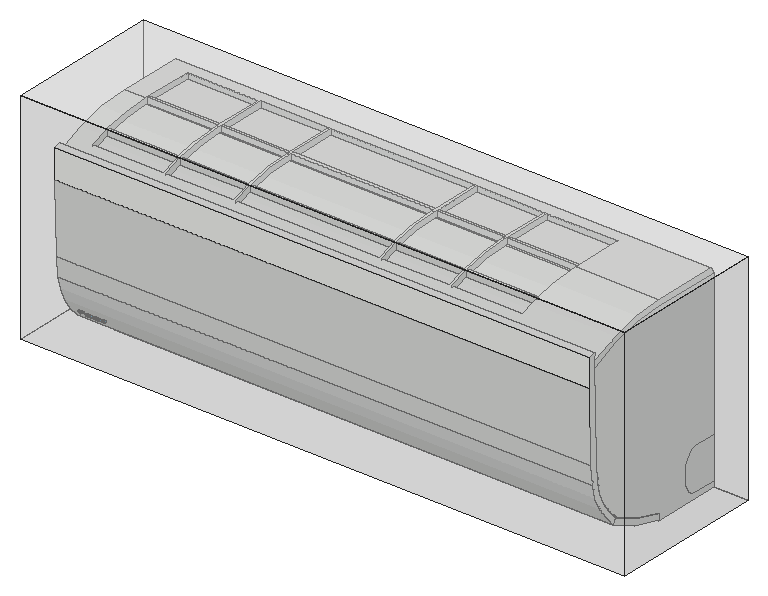
Revit family "outputfile", category 機械設備, Revit 2024
Family settings
  丸型コネクタ寸法 = 半径を使用
  パーツ タイプ = 標準
  OmniClass 番号 = 23.75.10.24.21.27.27
  OmniClass タイトル = Split System Air Conditioning Units
  作業面ベース = いいえ
  常に垂直 = はい
  ロード時にボイドで切り取り = いいえ
  注釈の向きを維持 = いいえ
  共有 = いいえ
  部屋計算ポイント = いいえ
Parameters (values of type "FTKF25TVMA")
  Description = ""
  書き出し IFC クラス(タイプ) = "IfcUnitaryEquipmentType"
  定義済み IFC タイプ(タイプ) = "AIRCONDITIONINGUNIT"
  Cost = 0
  Type Comments = ""
  Keynote = ""
  Type Image = (empty or 0)
  Assembly Code = ""
  w_wall hole = if(Width = 770.0 mm, 48.0 mm, 60.0 mm)  # 48.0 mm
  製造元 = "Daikin"
  モデル = "FTKF25TVMA"
  switch_frequency = yes
  r_Liquid Pipe Size = Liquid Pipe Size / 2  # 3.2 mm
  r_Gas Pipe Size = Gas Pipe Size / 2  # 4.75 mm
  r_Drain Pipe Size = Drain Pipe Size / 2  # 8.0 mm
  lw_powersupply [instance] = if(Width = 770.0 mm, if(or(Rear Right Connection_refrigerant, Bottom Right Connection_refrigerant), 25.0 mm, if(or(Rear Left Connection_refrigerant, Bottom Left Connection_refrigerant), 745.0 mm, 400.0 mm)), if(Width = 990.0 mm, if(or(Rear Right Connection_refrigerant, Bottom Right Connection_refrigerant), 40.0 mm, if(or(Rear Left Connection_refrigerant, Bottom Left Connection_refrigerant), 920.0 mm, 400.0 mm)), if(or(Rear Right Connection_refrigerant, Bottom Right Connection_refrigerant), 40.0 mm, if(or(Rear Left Connection_refrigerant, Bottom Left Connection_refrigerant), 920.0 mm, 400.0 mm))))  # 400.0 mm
  lw_liquidpipe [instance] = if(Width = 770.0 mm, if(or(Rear Right Connection_refrigerant, Bottom Right Connection_refrigerant), 0.0 mm, if(or(Rear Left Connection_refrigerant, Bottom Left Connection_refrigerant), 664.0 mm, 385.0 mm)), if(Width = 990.0 mm, if(or(Rear Right Connection_refrigerant, Bottom Right Connection_refrigerant), 0.0 mm, if(or(Rear Left Connection_refrigerant, Bottom Left Connection_refrigerant), 664.0 mm + (990.0 mm - 770.0 mm), 475.0 mm)), if(or(Rear Right Connection_refrigerant, Bottom Right Connection_refrigerant), 0.0 mm, if(or(Rear Left Connection_refrigerant, Bottom Left Connection_refrigerant), 664.0 mm + (990.0 mm - 770.0 mm), 475.0 mm))))  # 385.0 mm
  lw_gaspipe [instance] = if(Width = 770.0 mm, if(or(Rear Right Connection_refrigerant, Bottom Right Connection_refrigerant), 0.0 mm, if(or(Rear Left Connection_refrigerant, Bottom Left Connection_refrigerant), 675.0 mm, if(Gas Pipe Size = 12.7 mm, 345.0 mm, 335.0 mm))), if(Width = 990.0 mm, if(or(Rear Right Connection_refrigerant, Bottom Right Connection_refrigerant), 10.0 mm, if(or(Rear Left Connection_refrigerant, Bottom Left Connection_refrigerant), 890.0 mm, if(Gas Pipe Size = 15.9 mm, 400.0 mm, 400.0 mm))), if(or(Rear Right Connection_refrigerant, Bottom Right Connection_refrigerant), 10.0 mm, if(or(Rear Left Connection_refrigerant, Bottom Left Connection_refrigerant), 890.0 mm, if(Gas Pipe Size = 15.9 mm, 400.0 mm, 400.0 mm)))))  # 335.0 mm
  lw_drainpipe [instance] = if(Width = 770.0 mm, if(or(Rear Right Connection_refrigerant, Bottom Right Connection_refrigerant), 0.0 mm, if(or(Rear Left Connection_refrigerant, Bottom Left Connection_refrigerant), 770.0 mm - 48.0 mm - 48.0 mm, 440.0 mm)), if(Width = 990.0 mm, if(or(Rear Right Connection_refrigerant, Bottom Right Connection_refrigerant), 0.0 mm, if(or(Rear Left Connection_refrigerant, Bottom Left Connection_refrigerant), 675.0 mm + (990.0 mm - 770.0 mm), 435.0 mm)), if(or(Rear Right Connection_refrigerant, Bottom Right Connection_refrigerant), 0.0 mm, if(or(Rear Left Connection_refrigerant, Bottom Left Connection_refrigerant), 675.0 mm + (990.0 mm - 770.0 mm), 435.0 mm))))  # 440.0 mm
  l_powersupply_length [instance] = if(Width = 770.0 mm, if(Right Connection_refrigerant, 400.0 mm, if(Left Connection_refrigerant, 770.0 mm - 400.0 mm, if(or(Rear Left Connection_refrigerant, Rear Right Connection_refrigerant), 15.0 mm, 50.0 mm))), if(Width = 990.0 mm, if(Right Connection_refrigerant, 400.0 mm, if(Left Connection_refrigerant, 990.0 mm - 400.0 mm, if(or(Rear Left Connection_refrigerant, Rear Right Connection_refrigerant), 15.0 mm, 50.0 mm))), if(Right Connection_refrigerant, 400.0 mm, if(Left Connection_refrigerant, 990.0 mm - 400.0 mm, if(or(Rear Left Connection_refrigerant, Rear Right Connection_refrigerant), 15.0 mm, 50.0 mm)))))  # 400.0 mm
  l_liquidpipe_length [instance] = if(Width = 770.0 mm, if(Right Connection_refrigerant, 433.0 mm, if(Left Connection_refrigerant, 337.0 mm, if(or(Rear Left Connection_refrigerant, Rear Right Connection_refrigerant), 30.0 mm, 40.0 mm))), if(Width = 990.0 mm, if(Right Connection_refrigerant, 535.0 mm, if(Left Connection_refrigerant, 455.0 mm, if(or(Rear Left Connection_refrigerant, Rear Right Connection_refrigerant), 30.0 mm, 40.0 mm))), if(Right Connection_refrigerant, 535.0 mm, if(Left Connection_refrigerant, 455.0 mm, if(or(Rear Left Connection_refrigerant, Rear Right Connection_refrigerant), 30.0 mm, 40.0 mm)))))  # 433.0 mm
  l_gaspipe_length [instance] = if(Width = 770.0 mm, if(Right Connection_refrigerant, if(Gas Pipe Size = 12.7 mm, 393.0 mm, 383.0 mm), if(Left Connection_refrigerant, if(Gas Pipe Size = 12.7 mm, 770.0 mm - 393.0 mm, 770.0 mm - 383.0 mm), if(or(Rear Left Connection_refrigerant, Rear Right Connection_refrigerant), 40.0 mm, 50.0 mm))), if(Width = 990.0 mm, if(Right Connection_refrigerant, if(Gas Pipe Size = 15.9 mm, 460.0 mm, 460.0 mm), if(Left Connection_refrigerant, if(Gas Pipe Size = 15.9 mm, 990.0 mm - 460.0 mm, 990.0 mm - 460.0 mm), if(or(Rear Left Connection_refrigerant, Rear Right Connection_refrigerant), 40.0 mm, 50.0 mm))), if(Right Connection_refrigerant, if(Gas Pipe Size = 15.9 mm, 460.0 mm, 460.0 mm), if(Left Connection_refrigerant, if(Gas Pipe Size = 15.9 mm, 990.0 mm - 460.0 mm, 990.0 mm - 460.0 mm), if(or(Rear Left Connection_refrigerant, Rear Right Connection_refrigerant), 40.0 mm, 50.0 mm)))))  # 383.0 mm
  l_drainpipe_length [instance] = if(Width = 770.0 mm, if(Right Connection_refrigerant, 488.0 mm, if(Left Connection_refrigerant, 282.0 mm, if(or(Rear Left Connection_refrigerant, Rear Right Connection_refrigerant), 15.0 mm, 20.0 mm))), if(Width = 990.0 mm, if(Right Connection_refrigerant, 495.0 mm, if(Left Connection_refrigerant, 495.0 mm, if(or(Rear Left Connection_refrigerant, Rear Right Connection_refrigerant), 15.0 mm, 20.0 mm))), if(Right Connection_refrigerant, 495.0 mm, if(Left Connection_refrigerant, 495.0 mm, if(or(Rear Left Connection_refrigerant, Rear Right Connection_refrigerant), 15.0 mm, 20.0 mm)))))  # 488.0 mm
  h*** = 0.0 mm  # constant formula
  connector_voltage = Voltage_50Hz  # 230 V
  connector_powerinput = [Power Input (Cooling)]  # 0.000 kW
  connector_phase = Phase_50Hz  # 1
  angle_vertical [instance] = if(or(Bottom Left Connection_refrigerant, Bottom Right Connection_refrigerant), 0.00°, 90.00°)  # 90.00°
  angle_horizontal [instance] = if(Right Connection_refrigerant, 90.00°, if(Left Connection_refrigerant, -90.00°, if(or(Rear Left Connection_refrigerant, Rear Right Connection_refrigerant), 180.00°, 0.00°)))  # 90.00°
  Width = 770.0 mm
  Voltage_comment_50Hz = "220 - 240"
  Voltage_50Hz = 230 V
  Version = "ver.1.0"
  Unit Type = "Wall Mounted"
  Unit Mass Weight = 9.00 kg
  Unit Designation [instance] = ""
  Uniclass2015Version = "Products v1.30"
  Uniclass2015Title = "Split coil room air conditioning units"
  Uniclass2015Code = "Pr_70_65_03_86"
  URL = ""
  Total Cooling Capacity [instance] = 0.000 kW
  Sound Pressure Level_M speed (dBA) = 33
  Sound Pressure Level_L speed (dBA) = 27
  Sound Pressure Level_H speed (dBA) = 40
  Sound Power Level_H speed (dB) = 0
  Series = "Single Split_Fan Coil Unit"
  Sensible Cooling Capacity [instance] = 0.000 kW
  Refrigerant Type = "R32"
  Power Input (Cooling) = 0.000 kW
  Phase_50Hz = 1
  Option Accessory 3 [instance] = ""
  Option Accessory 2 [instance] = ""
  Option Accessory 1 [instance] = ""
  Nominal Cooling Capacity = 2.500 kW
  Minimum Circuit Amps_50Hz = 0.0 A
  Minimum Airflow = 276.00 m³/h
  Median Airflow = 390.00 m³/h
  Maximum Fuse Amps_50Hz = 0.0 A
  Maximum Airflow = 576.00 m³/h
  Material_Casing = DAIKIN_PureWhite_Casing_indoorunit
  Load Classification = HVAC
  Liquid Pipe Size = 6.4 mm
  Link_Nested Family [instance] = ""
  IfcVersion = ""
  IfcExportType = "AIRCONDITIONINGUNIT"
  IfcExportAs = "IfcUnitaryEquipmentType"
  Height = 285.0 mm
  Heat Exchanger Type = "Cross Fin Coil"
  Gas Pipe Size = 9.5 mm
  Frequency_50Hz = 50 Hz
  Fan Type = "Cross Flow Fan"
  Fan Drive = "Direct Drive"
  FCU Tag No. [instance] = ""
  Drain Pipe Size = 16.0 mm
  Design Supply Airflow [instance] = 0.00 m³/h
  Depth = 223.0 mm
  既定の高さ = 0.0 mm
  Cooling Entering Wet Bulb Temperature [instance] = 0.00 °C
  Cooling Entering Dry Bulb Temperature [instance] = 0.00 °C
  Cooling Ambient Wet Bulb Temperature [instance] = 0.00 °C
  Cooling Ambient Dry Bulb Temperature [instance] = 0.00 °C
  Clearance visibility [instance] = yes
  Clearance Top = 30.0 mm
  Clearance Right = 50.0 mm
  Clearance Rear = 0.0 mm
  Clearance Left = 50.0 mm
  Clearance Front = 0.0 mm
  Clearance Bottom = 0.0 mm
  Bottom Right Connection_refrigerant [instance] = no
  Bottom Left Connection_refrigerant [instance] = no
  Rear Right Connection_refrigerant [instance] = no
  Rear Left Connection_refrigerant [instance] = no
  Right Connection_refrigerant [instance] = yes
  Left Connection_refrigerant [instance] = no
Reference planes
  plane 1 "Back": y = 0
  plane 2: z = 0
  plane 3 "Center (Left/Right)": x = 0
  plane 4 "Center (Front/Back)": y = -111.5
  plane 5 "Front": y = -223
  plane 6 "Left": x = -385
  plane 7 "Right": x = 385
  plane 8 "Top": z = 0
  plane 9 "Bottom": z = -285
  plane 10: x = -435
  plane 11: x = 435
  plane 12: y = 0
  plane 13: y = -223
  plane 14: z = 30
  plane 15: z = -285
  plane 16 "lw_Piping and Wiring intake": x = 337
  plane 17 "lw_gaspipe": x = 2
  plane 18 "lw_liquidpipe": x = -48
  plane 19 "lw_drainpipe": x = -103
  plane 20 "lh_drainpipe": z = -265
  plane 21 "lh_liquidpipe": z = -245
  plane 22 "lh_gaspipe": z = -235
  plane 23 "ld_drainpipe": y = -15
  plane 24 "ld_liquidpipe": y = -30
  plane 25 "ld_gaspipe": y = -40
  plane 26 "lw_powersupply": x = -15
Dimensions and locks
  equal spacing: plane 6 "Left", plane 3 "Center (Left/Right)", plane 7 "Right"
  "Width": plane 6 "Left" to plane 7 "Right"
  equal spacing: plane 5 "Front", plane 4 "Center (Front/Back)", plane 1 "Back"
  "Depth": plane 5 "Front" to plane 1 "Back"
  "Height": plane 8 "Top" to plane 9 "Bottom"
  "Clearance Rear": plane 12 to plane 1 "Back"
  "Clearance Front": plane 13 to plane 5 "Front"
  "Clearance Top": plane 14 to plane 8 "Top"
  "Clearance Bottom": plane 9 "Bottom" to plane 15
  "w_wall hole": plane 16 "lw_Piping and Wiring intake" to plane 7 "Right"
  "lw_gaspipe": plane 17 "lw_gaspipe" to plane 16 "lw_Piping and Wiring intake"
  "lw_liquidpipe": plane 18 "lw_liquidpipe" to plane 16 "lw_Piping and Wiring intake"
  "lw_drainpipe": plane 19 "lw_drainpipe" to plane 16 "lw_Piping and Wiring intake"
  locked: plane 20 "lh_drainpipe" to plane 9 "Bottom" at 20
  locked: plane 21 "lh_liquidpipe" to plane 9 "Bottom" at 40
  locked: plane 22 "lh_gaspipe" to plane 9 "Bottom" at 50
  locked: plane 23 "ld_drainpipe" to plane 1 "Back" at 15
  locked: plane 1 "Back" to plane 24 "ld_liquidpipe" at 30
  locked: plane 1 "Back" to plane 25 "ld_gaspipe" at 40
  "lw_powersupply": plane 26 "lw_powersupply" to plane 7 "Right"
  "Clearance Left": plane 10 to plane 6 "Left"
  "Clearance Right": plane 7 "Right" to plane 11
  aligned and locked: level to plane 2
  aligned and locked: plane 12 to nested 1
  aligned and locked: nested 1 to plane 13
  aligned and locked: plane 10 to nested 1
  aligned and locked: plane 11 to nested 1
  aligned and locked: plane 15 to nested 1
  aligned and locked: plane 14 to nested 1
  aligned and locked: plane 17 "lw_gaspipe" to nested 2
  aligned and locked: nested 2 to plane 25 "ld_gaspipe"
  aligned and locked: plane 18 "lw_liquidpipe" to nested 3
  aligned and locked: nested 3 to plane 24 "ld_liquidpipe"
  aligned and locked: plane 19 "lw_drainpipe" to nested 4
  aligned and locked: nested 4 to plane 23 "ld_drainpipe"
  aligned and locked: nested 5 to plane 23 "ld_drainpipe"
  aligned and locked: plane 26 "lw_powersupply" to nested 5
  aligned and locked: level to plane 8 "Top"
  aligned and locked: plane 3 "Center (Left/Right)" to nested 6
  aligned and locked: plane 1 "Back" to nested 6
  aligned and locked: plane 8 "Top" to nested 6
Nested families
  nested 1: "daikin_clearancespace" at (0, -111.5, -127.381), show <- "Clearance visibility", visible <- "Clearance visibility", Link_Nested Family <- "Link_Nested Family", type "daikin_clearancespace"
    with width 870.0 mm, show yes, height 315.0 mm, depth 223.0 mm, Link_Nested Family ""
  nested 2: "daikin_connector_rotate3" at (2, -40, -235), angle_vertical <- "angle_vertical", angle_horizontal <- "angle_horizontal", length <- "l_gaspipe_length", radius <- "r_Gas Pipe Size", type "daikin_connector_rotate3"
    with show no, radius 4.75 mm, length 383.0 mm, angle_vertical 90.00°, angle_horizontal 90.00°
  nested 3: "daikin_connector_rotate3" at (-48, -30, -245), angle_vertical <- "angle_vertical", angle_horizontal <- "angle_horizontal", radius <- "r_Liquid Pipe Size", length <- "l_liquidpipe_length", type "daikin_connector_rotate3"
    with show no, radius 3.2 mm, length 433.0 mm, angle_vertical 90.00°, angle_horizontal 90.00°
  nested 4: "daikin_connector_rotate3" at (-103, -15, -265), angle_vertical <- "angle_vertical", angle_horizontal <- "angle_horizontal", length <- "l_drainpipe_length", radius <- "r_Drain Pipe Size", type "daikin_connector_rotate3"
    with show no, radius 8.0 mm, length 488.0 mm, angle_vertical 90.00°, angle_horizontal 90.00°
  nested 5: "daikin_connector_rotate3" at (-15, -15, -235), angle_vertical <- "angle_vertical", angle_horizontal <- "angle_horizontal", length <- "l_powersupply_length", type "daikin_connector_rotate3"
    with show no, radius 10.0 mm, length 400.0 mm, angle_vertical 90.00°, angle_horizontal 90.00°
  nested 6: "DAIKIN_indoorunit_FTKF-TVMA" at (-31, 0, 0), type "FTKF-TVMA"
Connectors
  piping at (385, -40, -235), diameter 9.5, driven by "r_Gas Pipe Size"
    settings: on nested 2, index 1, connector inside diameter 609.6 mm, connector length 0.0 mm, flow factor 0, pipe flow 0.00 m³/h, pressure drop 0.0 Pa, fitting loss kfactor 0, connector angle 0.00°, fixture units 0, engagement length 0.0 mm, angle of deflection 0.00°, flow configuration 1, flow direction 2, fitting loss method 0, system type 29, joint type 0, gender type 0, connector reference index -1, connector utility 0, adjustable connector no, is connector primary yes, connector description "Refrigerant Gas Piping"
  piping at (385, -30, -245), diameter 6.4, driven by "r_Liquid Pipe Size"
    settings: on nested 3, index 2, connector inside diameter 609.6 mm, connector length 0.0 mm, flow factor 0, pipe flow 0.00 m³/h, pressure drop 0.0 Pa, fitting loss kfactor 0, connector angle 0.00°, fixture units 0, engagement length 0.0 mm, angle of deflection 0.00°, flow configuration 1, flow direction 1, fitting loss method 0, system type 29, joint type 0, gender type 0, connector reference index -1, connector utility 0, adjustable connector no, is connector primary no, connector description "Refrigerant Liquid Piping"
  piping at (385, -15, -265), diameter 16, driven by "r_Drain Pipe Size"
    settings: on nested 4, index 3, connector inside diameter 609.6 mm, connector length 0.0 mm, flow factor 0, pipe flow 0.00 m³/h, pressure drop 0.0 Pa, fitting loss kfactor 0, connector angle 0.00°, fixture units 0, engagement length 0.0 mm, angle of deflection 0.00°, flow configuration 1, flow direction 2, fitting loss method 4, system type 16, joint type 0, gender type 0, connector reference index -1, connector utility 0, adjustable connector no, is connector primary no, connector description "Condensate Drain Piping"
  electrical at (385, -15, -235), driven by "Load Classification", driven by "connector_voltage", driven by "connector_phase", driven by "connector_powerinput"
    settings: on nested 5, index 4, voltage 230 V, apparent load 0 VA, apparent load phase1 0 VA, apparent load phase2 0 VA, apparent load phase3 0 VA, power factor 1, load classification "HVAC", number of poles 1, system type 30, power factor state 1, is connector primary yes, connector utility no, sub classification motor no, connector description "Power Supply"
Definition of nested family "daikin_clearancespace"
  Parameters (values of type "daikin_clearancespace")
    Description = "daikin_clearancespace"
    width [instance] = 1823.963 mm
    show [instance] = yes
    material = none
    height [instance] = 1359.762 mm
    depth [instance] = 880.0 mm
    Default Elevation = 0.0 mm
    Link_Nested Family [instance] = ""
  Reference planes
    plane 1 "Center (Front/Back)": y = 0
    plane 2 "Center (Elevation)": z = -0.119
    plane 3 "Center (Left/Right)": x = 0
    plane 4: y = 440
    plane 5: y = -440
    plane 6 "Right": x = 911.982
    plane 7 "Left": x = -911.982
    plane 8 "Top": z = 679.762
    plane 9 "Bottom": z = -680
  Forms (mm)
    Extrusion 1, solid, material <- "material", visible <- "show"
      sketch origin (0, 0, 0) x (1, 0, 0) y (0, 1, 0)
        loop
          line (-911.982, 440) -> (-911.982, -440) -> (911.982, -440) -> (911.982, 440) -> (-911.982, 440)
      from -680 to 679.762
  Lines and regions (mm)
    symbolic lines, visible <- "show"
      curve 1: line (911.982, 440, 0) -> (-911.982, 440, 0)
      curve 2: line (-911.982, 440, 0) -> (-911.982, -440, 0)
      curve 3: line (-911.982, -440, 0) -> (911.982, -440, 0)
      curve 4: line (911.982, -440, 0) -> (911.982, 440, 0)
      curve 5: line (911.982, 0, 679.762) -> (-911.982, 0, 679.762)
      curve 6: line (911.982, 0, -680) -> (911.982, 0, 679.762)
      curve 7: line (-911.982, 0, -680) -> (911.982, 0, -680)
      curve 8: line (-911.982, 0, 679.762) -> (-911.982, 0, -680)
      curve 9: line (0, 440, 679.762) -> (0, -440, 679.762)
      curve 10: line (0, -440, 679.762) -> (0, -440, -680)
      curve 11: line (0, 440, -680) -> (0, 440, 679.762)
      curve 12: line (0, -440, -680) -> (0, 440, -680)
  Dimensions and locks
    "width": plane 7 "Left" to plane 6 "Right"
    "depth": plane 4 to plane 5
    "height": plane 8 "Top" to plane 9 "Bottom"
    equal spacing: plane 7 "Left", plane 3 "Center (Left/Right)", plane 6 "Right"
    equal spacing: plane 4, plane 1 "Center (Front/Back)", plane 5
    equal spacing: plane 8 "Top", plane 2 "Center (Elevation)", plane 9 "Bottom"
    aligned and locked: level to plane 2 "Center (Elevation)"
    aligned and locked: Extrusion 1 sketch curve to plane 4
    aligned and locked: plane 7 "Left" to Extrusion 1 sketch curve
    aligned and locked: Extrusion 1 sketch curve to plane 5
    aligned and locked: Extrusion 1 sketch curve to plane 6 "Right"
    aligned and locked: plane 8 "Top" to Extrusion 1
    aligned and locked: curve 1 to Extrusion 1
    aligned and locked: curve 2 to Extrusion 1
    aligned and locked: curve 3 to Extrusion 1
    aligned and locked: curve 4 to Extrusion 1
    aligned and locked: curve 5 to Extrusion 1
    aligned and locked: curve 6 to Extrusion 1
    aligned and locked: curve 7 to Extrusion 1
    aligned and locked: curve 8 to Extrusion 1
    aligned and locked: curve 9 to Extrusion 1
    aligned and locked: curve 10 to Extrusion 1
    aligned and locked: curve 11 to Extrusion 1
    aligned and locked: curve 12 to Extrusion 1
    aligned and locked: Extrusion 1 to plane 9 "Bottom"
Definition of nested family "DAIKIN_indoorunit_FTKF-TVMA"
  Parameters (values of type "FTKF-TVMA")
    switch_unit1_60-71 = Width = 990.0 mm  # no
    switch_unit1_20-50 = Width = 770.0 mm  # yes
    Width = 770.0 mm
    WALL HOLE-R = if(Width = 770.0 mm, 48.0 mm, 60.0 mm)  # 48.0 mm
    WALL HOLE Size = if(Width = 770.0 mm, 65.0 mm, 80.0 mm)  # 65.0 mm
    Material_Casing = none
    Height = if(Width = 770.0 mm, 285.0 mm, 295.0 mm)  # 285.0 mm
    Default Elevation = 0.0 mm
  Reference planes
    plane 1 "Center (Front/Back)": y = 0
    plane 2 "reference_level": z = 0
    plane 3 "Center (Left/Right)": x = 31
    plane 4: x = -354
    plane 5: x = 416
    plane 6: z = -285
  Forms (mm)
    Extrusion 1, solid, material <- "Material_Casing", visible <- "switch_unit1_20-50"
      sketch origin (29, 0, 0) x (0, 1, 0) y (0, 0, 1)
        loop
          line (-5, 0) -> (-98, 0)
          arc (-98, 0) -> (-157.611, -7.211) -> (-213.783, -28.427) r 250
          arc (-213.783, -28.427) -> (-213.842, -32.972) -> (-213.892, -37.516) r 2191
          arc (-213.892, -37.516) -> (-157.832, -15.495) -> (-98.07, -8) r 242
          line (-98.07, -8) -> (0, -8) -> (-5, 0)
      from -383 to 387
    Extrusion 2, solid, material <- "Material_Casing", visible <- "switch_unit1_20-50"
      sketch origin (416, 1296.25, 1200) x (0, 1, 0) y (0, 0, 1)
        loop
          line (-1472.998, -1446.91) -> (-1476.998, -1453.839)
          arc (-1476.998, -1453.839) -> (-1437.481, -1472.422) -> (-1395.25, -1483.538) r 240
          line (-1395.25, -1483.538) -> (-1395.25, -1475.422)
          arc (-1395.25, -1475.422) -> (-1435.407, -1464.663) -> (-1472.998, -1446.91) r 232
      from 0 to -47.5
    Extrusion 3, solid, material <- "Material_Casing", visible <- "switch_unit1_20-50"
      sketch origin (29, 0, 0) x (0, 1, 0) y (0, 0, 1)
        loop
          arc (-223, -60.455) -> (-222.414, -110.646) -> (-220.656, -160.81) r 2149.92
          arc (-220.656, -160.81) -> (-219.65, -174.299) -> (-217.853, -187.706) r 229.911
          arc (-217.853, -187.706) -> (-205.371, -223.594) -> (-181.517, -253.17) r 111
          line (-181.517, -253.17) -> (-177.429, -246.093)
          arc (-177.429, -246.093) -> (-198.77, -218.989) -> (-209.965, -186.36) r 103
          arc (-209.965, -186.36) -> (-211.681, -173.586) -> (-212.651, -160.735) r 221.844
          arc (-212.651, -160.735) -> (-214.739, -93.233) -> (-214.74, -25.699) r 2186.828
          arc (-214.74, -25.699) -> (-214.671, -21.467) -> (-214.594, -17.235) r 2192
          line (-214.594, -17.235) -> (-223, -19.961) -> (-223, -60.455)
      from -383 to 387
    Extrusion 4, solid, material <- "Material_Casing", visible <- "switch_unit1_20-50"
      sketch origin (29, 0, -20) x (0, 1, 0) y (0, 0, 1)
        loop
          line (0, -265) -> (0, 12) -> (-98.07, 12)
          arc (-98.07, 12) -> (-157.832, 4.505) -> (-213.892, -17.516) r 242
          arc (-213.892, -17.516) -> (-213.638, -79.114) -> (-211.653, -140.681) r 2191
          arc (-211.653, -140.681) -> (-210.685, -153.501) -> (-208.973, -166.243) r 221
          arc (-208.973, -166.243) -> (-197.471, -199.282) -> (-175.482, -226.491) r 102
          arc (-175.482, -226.491) -> (-138.004, -244.019) -> (-98, -254.579) r 231
          line (-98, -254.579) -> (-98, -265) -> (0, -265)
      from -383 to 387
    Extrusion 5, solid, material <- "Material_Casing", visible <- "switch_unit1_20-50"
      sketch origin (-354, 1296.25, 1200) x (0, 1, 0) y (0, 0, 1)
        loop
          line (-1472.998, -1446.91) -> (-1476.998, -1453.839)
          arc (-1476.998, -1453.839) -> (-1437.481, -1472.422) -> (-1395.25, -1483.538) r 240
          line (-1395.25, -1483.538) -> (-1395.25, -1475.422)
          arc (-1395.25, -1475.422) -> (-1435.407, -1464.663) -> (-1472.998, -1446.91) r 232
      from 47 to 0
    Extrusion 6, solid, material <- "Material_Casing", visible <- "switch_unit1_20-50"
      sketch origin (416, 1296.25, 1200) x (0, 1, 0) y (0, 0, 1)
        loop
          line (-1472.998, -1446.91) -> (-1476.998, -1453.839)
          arc (-1476.998, -1453.839) -> (-1443.437, -1470.168) -> (-1407.75, -1481.097) r 240
          line (-1407.75, -1481.097) -> (-1407.75, -1472.894)
          arc (-1407.75, -1472.894) -> (-1441.363, -1462.385) -> (-1472.998, -1446.91) r 232
      from -116.993 to -48.493
    Extrusion 7, solid, material <- "Material_Casing", visible <- "switch_unit1_20-50"
      sketch origin (416, 1296.25, 1200) x (0, 1, 0) y (0, 0, 1)
        loop
          line (-1472.998, -1446.91) -> (-1476.998, -1453.839)
          arc (-1476.998, -1453.839) -> (-1443.437, -1470.168) -> (-1407.75, -1481.097) r 240
          line (-1407.75, -1481.097) -> (-1407.75, -1472.894)
          arc (-1407.75, -1472.894) -> (-1441.363, -1462.385) -> (-1472.998, -1446.91) r 232
      from -717 to -121.993
    Extrusion 8, void
      sketch origin (31, 0, -235) x (1, 0, 0) y (0, 1, 0)
        loop
          line (-252.674, -22.316) -> (-354.941, -22.316) -> (-354.941, -91.341) -> (-252.674, -91.341) -> (-252.674, -22.316)
        loop
          line (-249.341, -91.341) -> (-151.574, -91.341) -> (-151.574, -22.316) -> (-249.341, -22.316) -> (-249.341, -91.341)
        loop
          line (58.309, -22.316) -> (-148.309, -22.316) -> (-148.309, -91.341) -> (58.309, -91.341) -> (58.309, -22.316)
        loop
          line (61.689, -22.316) -> (61.689, -91.341) -> (159.457, -91.341) -> (159.457, -22.316) -> (61.689, -22.316)
        loop
          line (162.789, -22.316) -> (162.789, -91.341) -> (265.057, -91.341) -> (265.057, -22.316) -> (162.789, -22.316)
        loop
          line (-354.941, -94.659) -> (-354.941, -165.259) -> (-252.674, -165.259) -> (-252.674, -94.659) -> (-354.941, -94.659)
        loop
          line (-249.341, -94.659) -> (-249.341, -165.259) -> (-151.574, -165.259) -> (-151.574, -94.659) -> (-249.341, -94.659)
        loop
          line (-148.309, -94.659) -> (-148.309, -165.259) -> (58.309, -165.259) -> (58.309, -94.659) -> (-148.309, -94.659)
        loop
          line (61.689, -94.659) -> (61.689, -165.259) -> (159.457, -165.259) -> (159.457, -94.659) -> (61.689, -94.659)
        loop
          line (162.789, -94.659) -> (162.789, -165.259) -> (265.057, -165.259) -> (265.057, -94.659) -> (162.789, -94.659)
        loop
          line (-354.941, -167.382) -> (-354.941, -192.681) -> (-252.674, -192.681) -> (-252.674, -167.382) -> (-354.941, -167.382)
        loop
          line (-249.341, -167.382) -> (-249.341, -192.681) -> (-151.574, -192.681) -> (-151.574, -167.382) -> (-249.341, -167.382)
        loop
          line (-148.309, -167.382) -> (-148.309, -192.681) -> (58.309, -192.681) -> (58.309, -167.382) -> (-148.309, -167.382)
        loop
          line (159.457, -167.382) -> (61.689, -167.382) -> (61.689, -192.681) -> (159.457, -192.681) -> (159.457, -167.382)
        loop
          line (265.057, -167.382) -> (162.789, -167.382) -> (162.789, -192.681) -> (265.057, -192.681) -> (265.057, -167.382)
      from 201.638 to 250
    Extrusion 9, solid, material <- "Material_Casing"
      sketch origin (31, 0, 0) x (1, 0, 0) y (0, 0, 1)
        loop
          circle (337, -240.5) r 32.5
        loop
          circle (-337, -240.5) r 32.5
      from 0 to 5
    Extrusion 10, solid, material <- "Material_Casing", visible <- "switch_unit1_20-50"
      sketch origin (416, 1296.25, 1200) x (0, -1, 0) y (0, 0, 1)
        loop
          line (1326.25, -1417) -> (1296.25, -1417) -> (1296.25, -1477) -> (1326.25, -1477)
          arc (1326.25, -1477) -> (1340.393, -1471.142) -> (1346.25, -1457) r 20
          line (1346.25, -1457) -> (1346.25, -1437)
          arc (1346.25, -1437) -> (1340.393, -1422.858) -> (1326.25, -1417) r 20
      from 0 to 5
    Extrusion 11, solid, material <- "Material_Casing", visible <- "switch_unit1_20-50"
      sketch origin (-354, 1296.25, 1200) x (0, 1, 0) y (0, 0, 1)
        loop
          line (-1296.25, -1417) -> (-1326.25, -1417)
          arc (-1326.25, -1417) -> (-1340.393, -1422.858) -> (-1346.25, -1437) r 20
          line (-1346.25, -1437) -> (-1346.25, -1457)
          arc (-1346.25, -1457) -> (-1340.393, -1471.142) -> (-1326.25, -1477) r 20
          line (-1326.25, -1477) -> (-1296.25, -1477) -> (-1296.25, -1417)
      from 0 to 5
    Extrusion 12, solid, material <- "Material_Casing", visible <- "switch_unit1_20-50"
      sketch origin (31, 0, -285) x (-1, 0, 0) y (0, -1, 0)
        loop
          line (-314, 0) -> (-314, 30)
          arc (-314, 30) -> (-319.858, 44.142) -> (-334, 50) r 20
          line (-334, 50) -> (-354, 50)
          arc (-354, 50) -> (-368.142, 44.142) -> (-374, 30) r 20
          line (-374, 30) -> (-374, 0) -> (-314, 0)
        loop
          line (374, 0) -> (374, 30)
          arc (374, 30) -> (368.142, 44.142) -> (354, 50) r 20
          line (354, 50) -> (334, 50)
          arc (334, 50) -> (319.858, 44.142) -> (314, 30) r 20
          line (314, 30) -> (314, 0) -> (374, 0)
      from 0 to 5
    Extrusion 13, solid, material <- "Material_Casing", visible <- "switch_unit1_60-71"
      sketch origin (31, 0, 0) x (0, 1, 0) y (0, 0, 1)
        loop
          line (-5, 0) -> (-138, 0)
          arc (-138, 0) -> (-197.611, -7.211) -> (-253.783, -28.427) r 250
          arc (-253.783, -28.427) -> (-253.838, -32.687) -> (-253.886, -36.946) r 2191
          arc (-253.886, -36.946) -> (-197.73, -15.346) -> (-138.014, -8) r 246.393
          line (-138.014, -8) -> (0, -8) -> (-5, 0)
      from -495 to 495
    Extrusion 14, solid, material <- "Material_Casing", visible <- "switch_unit1_60-71"
      sketch origin (418, 1296.25, 1200) x (0, 1, 0) y (0, 0, 1)
        loop
          arc (-1515.208, -1454.149) -> (-1506.856, -1460.599) -> (-1497.925, -1466.219) r 110
          arc (-1497.925, -1466.219) -> (-1445.718, -1487.493) -> (-1389.844, -1494.995) r 223
          line (-1389.844, -1494.995) -> (-1389.844, -1486.086) -> (-1404.386, -1486.086)
          arc (-1404.386, -1486.086) -> (-1449.542, -1477.46) -> (-1491.818, -1459.402) r 214.289
          arc (-1491.818, -1459.402) -> (-1501.056, -1453.541) -> (-1509.606, -1446.715) r 101
          line (-1509.606, -1446.715) -> (-1515.208, -1454.149)
      from 108 to 57.5
    Extrusion 15, solid, material <- "Material_Casing", visible <- "switch_unit1_60-71"
      sketch origin (31, 0, 0) x (0, 1, 0) y (0, 0, 1)
        loop
          line (-263, -19.962) -> (-263, -61.6)
          arc (-263, -61.6) -> (-262.414, -110.219) -> (-260.656, -158.81) r 2017.341
          arc (-260.656, -158.81) -> (-255.648, -191.935) -> (-244.041, -223.362) r 164.725
          arc (-244.041, -223.362) -> (-233.569, -239.793) -> (-219.717, -253.495) r 87.379
          line (-219.717, -253.495) -> (-214.706, -246.846)
          arc (-214.706, -246.846) -> (-229.564, -230.029) -> (-240.385, -210.371) r 102
          arc (-240.385, -210.371) -> (-249.049, -182.962) -> (-252.848, -154.467) r 165.789
          arc (-252.848, -154.467) -> (-254.771, -90.102) -> (-254.74, -25.708) r 2122.533
          arc (-254.74, -25.708) -> (-254.671, -21.469) -> (-254.594, -17.23) r 2192
          line (-254.594, -17.23) -> (-263, -19.962)
      from -495 to 495
    Extrusion 16, void
      sketch origin (33, 0, 0) x (1, 0, 0) y (0, 1, 0)
        loop
          line (-466.909, -22.316) -> (-466.909, -111.341) -> (-366.303, -111.341) -> (-366.303, -22.316) -> (-466.909, -22.316)
        loop
          line (-362.71, -22.316) -> (-362.71, -111.341) -> (-262.103, -111.341) -> (-262.103, -22.316) -> (-362.71, -22.316)
        loop
          line (-258.51, -22.316) -> (-258.51, -111.341) -> (-157.904, -111.341) -> (-157.904, -22.316) -> (-258.51, -22.316)
        loop
          line (-154.31, -22.316) -> (-154.31, -111.341) -> (-53.704, -111.341) -> (-53.704, -22.316) -> (-154.31, -22.316)
        loop
          line (-50.11, -22.316) -> (-50.11, -111.341) -> (50.496, -111.341) -> (50.496, -22.316) -> (-50.11, -22.316)
        loop
          line (54.089, -22.316) -> (54.089, -111.341) -> (154.696, -111.341) -> (154.696, -22.316) -> (54.089, -22.316)
        loop
          line (158.289, -22.316) -> (158.289, -111.341) -> (258.895, -111.341) -> (258.895, -22.316) -> (158.289, -22.316)
        loop
          line (262.489, -22.316) -> (262.489, -111.341) -> (363.095, -111.341) -> (363.095, -22.316) -> (262.489, -22.316)
        loop
          line (-466.909, -114.459) -> (-466.909, -185.059) -> (-366.303, -185.059) -> (-366.303, -114.459) -> (-466.909, -114.459)
        loop
          line (-362.71, -114.459) -> (-362.71, -185.059) -> (-262.103, -185.059) -> (-262.103, -114.459) -> (-362.71, -114.459)
        loop
          line (-258.51, -114.459) -> (-258.51, -185.059) -> (-157.904, -185.059) -> (-157.904, -114.459) -> (-258.51, -114.459)
        loop
          line (-154.31, -114.459) -> (-154.31, -185.059) -> (-53.704, -185.059) -> (-53.704, -114.459) -> (-154.31, -114.459)
        loop
          line (-50.11, -114.459) -> (-50.11, -185.059) -> (50.496, -185.059) -> (50.496, -114.459) -> (-50.11, -114.459)
        loop
          line (54.089, -114.459) -> (54.089, -185.059) -> (154.696, -185.059) -> (154.696, -114.459) -> (54.089, -114.459)
        loop
          line (158.289, -114.459) -> (158.289, -185.059) -> (258.895, -185.059) -> (258.895, -114.459) -> (158.289, -114.459)
        loop
          line (262.489, -114.459) -> (262.489, -185.059) -> (363.095, -185.059) -> (363.095, -114.459) -> (262.489, -114.459)
        loop
          line (-466.909, -187.382) -> (-466.909, -232.681) -> (-366.303, -232.681) -> (-366.303, -187.382) -> (-466.909, -187.382)
        loop
          line (-362.71, -187.382) -> (-362.71, -232.681) -> (-262.103, -232.681) -> (-262.103, -187.382) -> (-362.71, -187.382)
        loop
          line (-258.51, -187.382) -> (-258.51, -232.681) -> (-157.904, -232.681) -> (-157.904, -187.382) -> (-258.51, -187.382)
        loop
          line (-154.31, -187.382) -> (-154.31, -232.681) -> (-53.704, -232.681) -> (-53.704, -187.382) -> (-154.31, -187.382)
        loop
          line (-50.11, -187.382) -> (-50.11, -232.681) -> (50.496, -232.681) -> (50.496, -187.382) -> (-50.11, -187.382)
        loop
          line (54.089, -187.382) -> (54.089, -232.681) -> (154.696, -232.681) -> (154.696, -187.382) -> (54.089, -187.382)
        loop
          line (158.289, -187.382) -> (158.289, -232.681) -> (258.895, -232.681) -> (258.895, -187.382) -> (158.289, -187.382)
        loop
          line (262.489, -187.382) -> (262.489, -232.681) -> (363.095, -232.681) -> (363.095, -187.382) -> (262.489, -187.382)
      from -40.013 to 47.268
    Extrusion 17, solid, material <- "Material_Casing", visible <- "switch_unit1_60-71"
      sketch origin (-356, 1296.25, 1200) x (0, 1, 0) y (0, 0, -1)
        loop
          line (-1515.208, 1454.149) -> (-1509.606, 1446.715)
          arc (-1509.606, 1446.715) -> (-1501.056, 1453.541) -> (-1491.818, 1459.402) r 101
          arc (-1491.818, 1459.402) -> (-1449.542, 1477.46) -> (-1404.386, 1486.086) r 214.289
          line (-1404.386, 1486.086) -> (-1389.844, 1486.086) -> (-1389.844, 1494.995)
          arc (-1389.844, 1494.995) -> (-1445.718, 1487.493) -> (-1497.925, 1466.219) r 223
          arc (-1497.925, 1466.219) -> (-1506.856, 1460.599) -> (-1515.208, 1454.149) r 110
      from 108 to 61
    Extrusion 18, solid, material <- "Material_Casing", visible <- "switch_unit1_60-71"
      sketch origin (418, 1296.25, 1200) x (0, 1, 0) y (0, 0, 1)
        loop
          arc (-1515.208, -1454.149) -> (-1506.856, -1460.599) -> (-1497.925, -1466.219) r 110
          arc (-1497.925, -1466.219) -> (-1463.185, -1482.066) -> (-1426.25, -1491.755) r 223
          line (-1426.25, -1491.755) -> (-1426.25, -1483.166)
          arc (-1426.25, -1483.166) -> (-1460.008, -1473.969) -> (-1491.818, -1459.402) r 214.289
          arc (-1491.818, -1459.402) -> (-1501.056, -1453.541) -> (-1509.606, -1446.715) r 101
          line (-1509.606, -1446.715) -> (-1515.208, -1454.149)
      from 56.5 to -36.993
    Extrusion 19, solid, material <- "Material_Casing", visible <- "switch_unit1_60-71"
      sketch origin (418, 1296.25, 1200) x (0, 1, 0) y (0, 0, 1)
        loop
          arc (-1426.25, -1483.166) -> (-1443.442, -1479.224) -> (-1460.25, -1473.881) r 214.289
          line (-1460.25, -1473.881) -> (-1460.25, -1483.089)
          arc (-1460.25, -1483.089) -> (-1443.421, -1488.091) -> (-1426.25, -1491.755) r 223
          line (-1426.25, -1491.755) -> (-1426.25, -1483.166)
      from -43.493 to -828.893
    Extrusion 20, solid, material <- "Material_Casing", visible <- "switch_unit1_60-71"
      sketch origin (418, 1296.25, 1200) x (0, 1, 0) y (0, 0, 1)
        loop
          arc (-1515.208, -1454.149) -> (-1506.856, -1460.599) -> (-1497.925, -1466.219) r 110
          arc (-1497.925, -1466.219) -> (-1479.479, -1475.527) -> (-1460.25, -1483.089) r 223
          line (-1460.25, -1483.089) -> (-1460.25, -1473.881)
          arc (-1460.25, -1473.881) -> (-1476.328, -1467.282) -> (-1491.818, -1459.402) r 214.289
          arc (-1491.818, -1459.402) -> (-1501.056, -1453.541) -> (-1509.606, -1446.715) r 101
          line (-1509.606, -1446.715) -> (-1515.208, -1454.149)
      from -43.493 to -828.893
    Extrusion 21, solid, material <- "Material_Casing", visible <- "switch_unit1_60-71"
      sketch origin (31, 0, -30) x (0, 1, 0) y (0, 0, 1)
        loop
          line (0, 22) -> (-138.014, 22)
          arc (-138.014, 22) -> (-197.73, 14.654) -> (-253.886, -6.946) r 246.393
          arc (-253.886, -6.946) -> (-253.682, -65.635) -> (-251.855, -124.295) r 2120.935
          arc (-251.855, -124.295) -> (-248.086, -152.682) -> (-239.461, -179.988) r 164.789
          arc (-239.461, -179.988) -> (-228.903, -199.231) -> (-214.437, -215.738) r 101
          line (-214.437, -215.738) -> (-212.406, -216.221)
          arc (-212.406, -216.221) -> (-204.07, -222.837) -> (-195.079, -228.53) r 100
          arc (-195.079, -228.53) -> (-145.557, -248.629) -> (-92.593, -255.785) r 213.289
          line (-92.593, -255.785) -> (-92.593, -265) -> (0, -265) -> (0, 22)
      from -495 to 495
    Extrusion 22, solid, material <- "Material_Casing", visible <- "switch_unit1_60-71"
      sketch origin (526, 1296.25, 1200) x (0, -1, 0) y (0, 0, 1)
        loop
          line (1326.25, -1427.035) -> (1296.25, -1427.035) -> (1296.25, -1487.035) -> (1326.25, -1487.035)
          arc (1326.25, -1487.035) -> (1340.393, -1481.177) -> (1346.25, -1467.035) r 20
          line (1346.25, -1467.035) -> (1346.25, -1447.035)
          arc (1346.25, -1447.035) -> (1340.393, -1432.892) -> (1326.25, -1427.035) r 20
      from 0 to 5
    Extrusion 23, solid, material <- "Material_Casing", visible <- "switch_unit1_60-71"
      sketch origin (-459, 1296.25, 1200) x (0, -1, 0) y (0, 0, 1)
        loop
          line (1326.25, -1427.035) -> (1296.25, -1427.035) -> (1296.25, -1487.035) -> (1326.25, -1487.035)
          arc (1326.25, -1487.035) -> (1340.393, -1481.177) -> (1346.25, -1467.035) r 20
          line (1346.25, -1467.035) -> (1346.25, -1447.035)
          arc (1346.25, -1447.035) -> (1340.393, -1432.892) -> (1326.25, -1427.035) r 20
      from 0 to 5
    Extrusion 24, solid, material <- "Material_Casing", visible <- "switch_unit1_60-71"
      sketch origin (31, 200, -295) x (-1, 0, 0) y (0, -1, 0)
        loop
          line (469, 200) -> (469, 230)
          arc (469, 230) -> (463.142, 244.142) -> (449, 250) r 20
          line (449, 250) -> (429, 250)
          arc (429, 250) -> (414.858, 244.142) -> (409, 230) r 20
          line (409, 230) -> (409, 200) -> (469, 200)
        loop
          line (-469, 200) -> (-409, 200) -> (-409, 230)
          arc (-409, 230) -> (-414.858, 244.142) -> (-429, 250) r 20
          line (-429, 250) -> (-449, 250)
          arc (-449, 250) -> (-463.142, 244.142) -> (-469, 230) r 20
          line (-469, 230) -> (-469, 200)
      from 0 to 5
  Cuts and joins
    Extrusion 8 cuts Extrusion 1
    Extrusion 16 cuts Extrusion 13
  Lines and regions (mm)
    reference lines
      curve 1: line (-523, -201.911, -229.404) -> (-523, -193.542, -239.977)
      curve 2: line (-523, -240.779, -229.404) -> (-523, -232.411, -239.977)
  Dimensions and locks
    locked: Extrusion 10 sketch curve to Extrusion 10 sketch curve at 60
    locked: Extrusion 10 sketch curve to Extrusion 10 sketch curve at 50
    locked: Extrusion 12 sketch curve to Extrusion 12 sketch curve at 60  (x2)
    locked: Extrusion 12 sketch curve to Extrusion 12 sketch curve at 50
    equal spacing: plane 5, plane 3 "Center (Left/Right)", plane 4
    "Width": plane 5 to plane 4
    locked: Extrusion 9 sketch curve to plane 4 at 48
    "WALL HOLE-R": plane 5 to Extrusion 9 sketch curve
    "Height": plane 2 "reference_level" to plane 6
    locked: Extrusion 9 sketch curve to plane 6 at 44.5  (x2)
    locked: Extrusion 15 to nested 2 at 15
    locked: Extrusion 22 sketch curve to Extrusion 22 sketch curve at 60
    locked: Extrusion 22 sketch curve to Extrusion 22 sketch curve at 50
    locked: Extrusion 23 sketch curve to Extrusion 23 sketch curve at 60
    locked: Extrusion 23 sketch curve to Extrusion 23 sketch curve at 50
    locked: Extrusion 24 sketch curve to Extrusion 24 sketch curve at 60  (x2)
    locked: Extrusion 24 sketch curve to Extrusion 24 sketch curve at 50  (x2)
    "WALL HOLE Size": diameter of Extrusion 9 sketch curve  (x2)
    aligned and locked: level to plane 2 "reference_level"
    aligned and locked: nested 1 to curve 1
    aligned and locked: Extrusion 11 sketch curve to Extrusion 10  (x4)
    aligned and locked: Extrusion 12 sketch curve to Extrusion 12 sketch curve  (x2)
    aligned and locked: Extrusion 9 to plane 1 "Center (Front/Back)"
    aligned and locked: nested 2 to curve 2
  Automatic sketch dimensions
    curve 1 to level = 239.977 mm
    plane 1 "Center (Front/Back)" to curve 1 = 193.542 mm
    curve 2 to curve 1 = 0.0 mm
    curve 2 to curve 2 = 10.573 mm
    curve 1 to curve 1 = 10.573 mm
    curve 1 to curve 1 = 8.368 mm
    curve 1 to curve 2 = 30.5 mm
    curve 2 to curve 2 = 8.368 mm
    Extrusion 1 sketch curve to level = 0.0 mm
    Extrusion 1 sketch curve to plane 1 "Center (Front/Back)" = 0.0 mm
    plane 1 "Center (Front/Back)" to Extrusion 1 sketch curve = 5.0 mm
    plane 1 "Center (Front/Back)" to Extrusion 1 sketch curve = 98.0 mm
    Extrusion 1 sketch curve to Extrusion 1 sketch curve = 0.07 mm
    Extrusion 1 sketch curve to level = 59.292 mm
    Extrusion 1 sketch curve to plane 1 "Center (Front/Back)" = 1977.0 mm
    Extrusion 1 sketch curve to level = 250.0 mm
    Extrusion 1 sketch curve to Extrusion 1 sketch curve = 0.0 mm
    Extrusion 1 sketch curve to level = 8.0 mm
    Extrusion 1 sketch curve to level = 28.427 mm
    plane 1 "Center (Front/Back)" to Extrusion 2 sketch curve = 180.748 mm
    Extrusion 2 sketch curve to Extrusion 2 sketch curve = 4.0 mm
    Extrusion 2 sketch curve to Extrusion 2 sketch curve = 77.747 mm
    plane 1 "Center (Front/Back)" to Extrusion 2 sketch curve = 59.279 mm
    Extrusion 2 sketch curve to Extrusion 2 sketch curve = 0.0 mm
    Extrusion 2 sketch curve to level = 283.538 mm
    Extrusion 2 sketch curve to Extrusion 2 sketch curve = 8.116 mm
    Extrusion 2 sketch curve to Extrusion 2 sketch curve = 21.583 mm
    Extrusion 2 sketch curve to Extrusion 2 sketch curve = 6.929 mm
    Extrusion 3 sketch curve to level = 19.961 mm
    plane 1 "Center (Front/Back)" to Extrusion 3 sketch curve = 223.0 mm
    Extrusion 3 sketch curve to level = 17.235 mm
    Extrusion 3 sketch curve to Extrusion 3 sketch curve = 8.406 mm
    plane 1 "Center (Front/Back)" to Extrusion 3 sketch curve = 181.517 mm
    Extrusion 3 sketch curve to Extrusion 3 sketch curve = 4.087 mm
    Extrusion 3 sketch curve to Extrusion 3 sketch curve = 69.11 mm
    Extrusion 3 sketch curve to Extrusion 3 sketch curve = 0.001 mm
    Extrusion 3 sketch curve to plane 1 "Center (Front/Back)" = 8.955 mm
    Extrusion 3 sketch curve to Extrusion 3 sketch curve = 0.067 mm
    Extrusion 3 sketch curve to level = 60.455 mm
    Extrusion 3 sketch curve to Extrusion 3 sketch curve = 1917.898 mm
    Extrusion 3 sketch curve to Extrusion 3 sketch curve = 44.907 mm
    Extrusion 3 sketch curve to Extrusion 3 sketch curve = 5.172 mm
    Extrusion 3 sketch curve to level = 150.456 mm
    Extrusion 3 sketch curve to Extrusion 3 sketch curve = 0.006 mm
    Extrusion 3 sketch curve to Extrusion 3 sketch curve = 19.265 mm
    Extrusion 3 sketch curve to Extrusion 3 sketch curve = 0.004 mm
    Extrusion 3 sketch curve to Extrusion 3 sketch curve = 76.368 mm
    Extrusion 3 sketch curve to Extrusion 3 sketch curve = 7.077 mm
    Extrusion 3 sketch curve to Extrusion 3 sketch curve = 1.002 mm
    Extrusion 3 sketch curve to Extrusion 3 sketch curve = 0.046 mm
    Extrusion 3 sketch curve to Extrusion 3 sketch curve = 8.005 mm
    Extrusion 3 sketch curve to Extrusion 3 sketch curve = 0.147 mm
    Extrusion 3 sketch curve to Extrusion 3 sketch curve = 0.0 mm
    Extrusion 4 sketch curve to plane 1 "Center (Front/Back)" = 0.0 mm
    plane 1 "Center (Front/Back)" to Extrusion 4 sketch curve = 59.278 mm
    Extrusion 4 sketch curve to Extrusion 4 sketch curve = 98.0 mm
    Extrusion 4 sketch curve to Extrusion 4 sketch curve = 0.0 mm  (x3)
    Extrusion 4 sketch curve to level = 8.0 mm
    Extrusion 4 sketch curve to Extrusion 4 sketch curve = 38.791 mm
    Extrusion 4 sketch curve to Extrusion 4 sketch curve = 10.249 mm
    Extrusion 4 sketch curve to plane 1 "Center (Front/Back)" = 9.11 mm
    Extrusion 4 sketch curve to level = 59.292 mm
    Extrusion 4 sketch curve to Extrusion 4 sketch curve = 1967.89 mm
    Extrusion 4 sketch curve to Extrusion 4 sketch curve = 142.454 mm
    Extrusion 4 sketch curve to Extrusion 4 sketch curve = 19.271 mm
    Extrusion 4 sketch curve to Extrusion 4 sketch curve = 80.275 mm
    Extrusion 4 sketch curve to Extrusion 4 sketch curve = 24.579 mm
    Extrusion 4 sketch curve to Extrusion 4 sketch curve = 10.421 mm
    Extrusion 4 sketch curve to level = 46.847 mm
    Extrusion 4 sketch curve to Extrusion 4 sketch curve = 77.412 mm
    Extrusion 4 sketch curve to Extrusion 4 sketch curve = 33.49 mm
    Extrusion 4 sketch curve to Extrusion 4 sketch curve = 2.68 mm
    plane 1 "Center (Front/Back)" to Extrusion 5 sketch curve = 180.748 mm
    Extrusion 5 sketch curve to Extrusion 5 sketch curve = 4.0 mm
    Extrusion 5 sketch curve to Extrusion 5 sketch curve = 77.747 mm
    plane 1 "Center (Front/Back)" to Extrusion 5 sketch curve = 59.279 mm
    Extrusion 5 sketch curve to Extrusion 5 sketch curve = 0.0 mm
    Extrusion 5 sketch curve to level = 283.538 mm
    Extrusion 5 sketch curve to Extrusion 5 sketch curve = 8.116 mm
    Extrusion 5 sketch curve to Extrusion 5 sketch curve = 21.583 mm
    Extrusion 5 sketch curve to Extrusion 5 sketch curve = 6.929 mm
    plane 1 "Center (Front/Back)" to Extrusion 6 sketch curve = 180.748 mm
    Extrusion 6 sketch curve to Extrusion 6 sketch curve = 4.0 mm
    Extrusion 6 sketch curve to Extrusion 6 sketch curve = 65.247 mm
    plane 1 "Center (Front/Back)" to Extrusion 6 sketch curve = 59.279 mm
    Extrusion 6 sketch curve to Extrusion 6 sketch curve = 0.0 mm
    Extrusion 6 sketch curve to level = 281.097 mm
    Extrusion 6 sketch curve to Extrusion 6 sketch curve = 8.203 mm
    Extrusion 6 sketch curve to Extrusion 6 sketch curve = 19.055 mm
    Extrusion 6 sketch curve to Extrusion 6 sketch curve = 6.929 mm
    plane 1 "Center (Front/Back)" to Extrusion 7 sketch curve = 180.748 mm
    Extrusion 7 sketch curve to Extrusion 7 sketch curve = 4.0 mm
    Extrusion 7 sketch curve to Extrusion 7 sketch curve = 65.247 mm
    plane 1 "Center (Front/Back)" to Extrusion 7 sketch curve = 59.279 mm
    Extrusion 7 sketch curve to Extrusion 7 sketch curve = 0.0 mm
    Extrusion 7 sketch curve to level = 281.097 mm
    Extrusion 7 sketch curve to Extrusion 7 sketch curve = 8.203 mm
    Extrusion 7 sketch curve to Extrusion 7 sketch curve = 19.055 mm
    Extrusion 7 sketch curve to Extrusion 7 sketch curve = 6.929 mm
    plane 1 "Center (Front/Back)" to Extrusion 8 sketch curve = 165.259 mm  (x2)
    Extrusion 8 sketch curve to plane 3 "Center (Left/Right)" = 354.941 mm
    plane 1 "Center (Front/Back)" to Extrusion 8 sketch curve = 22.316 mm  (x3)
    Extrusion 8 sketch curve to Extrusion 8 sketch curve = 0.0 mm  (x26)
    Extrusion 8 sketch curve to Extrusion 8 sketch curve = 102.268 mm  (x2)
    Extrusion 8 sketch curve to Extrusion 8 sketch curve = 3.332 mm  (x4)
    Extrusion 8 sketch curve to Extrusion 8 sketch curve = 97.768 mm  (x2)
    Extrusion 8 sketch curve to Extrusion 8 sketch curve = 3.264 mm  (x3)
    plane 3 "Center (Left/Right)" to Extrusion 8 sketch curve = 58.309 mm
    Extrusion 8 sketch curve to Extrusion 8 sketch curve = 3.38 mm  (x3)
    Extrusion 8 sketch curve to Extrusion 8 sketch curve = 2.124 mm  (x6)
    Extrusion 8 sketch curve to Extrusion 8 sketch curve = 25.299 mm  (x2)
    Extrusion 8 sketch curve to Extrusion 8 sketch curve = 70.6 mm
    Extrusion 8 sketch curve to Extrusion 8 sketch curve = 3.317 mm  (x4)
    Extrusion 10 sketch curve to plane 1 "Center (Front/Back)" = 0.0 mm
    Extrusion 10 sketch curve to Extrusion 10 sketch curve = 20.0 mm  (x2)
    Extrusion 10 sketch curve to level = 277.0 mm
    plane 1 "Center (Front/Back)" to Extrusion 12 sketch curve = 0.0 mm
    plane 3 "Center (Left/Right)" to Extrusion 12 sketch curve = 374.0 mm
    Extrusion 12 sketch curve to Extrusion 12 sketch curve = 20.0 mm  (x3)
    plane 1 "Center (Front/Back)" to Extrusion 12 sketch curve = 30.0 mm
    Extrusion 12 sketch curve to plane 3 "Center (Left/Right)" = 314.0 mm
    Extrusion 13 sketch curve to level = 0.0 mm
    Extrusion 13 sketch curve to plane 1 "Center (Front/Back)" = 0.0 mm
    plane 1 "Center (Front/Back)" to Extrusion 13 sketch curve = 5.0 mm
    Extrusion 13 sketch curve to Extrusion 13 sketch curve = 133.0 mm
    Extrusion 13 sketch curve to Extrusion 13 sketch curve = 0.013 mm
    Extrusion 13 sketch curve to level = 59.292 mm
    Extrusion 13 sketch curve to plane 1 "Center (Front/Back)" = 1937.0 mm
    Extrusion 13 sketch curve to Extrusion 13 sketch curve = 250.0 mm
    Extrusion 13 sketch curve to Extrusion 13 sketch curve = 4.393 mm
    Extrusion 13 sketch curve to level = 8.0 mm
    Extrusion 13 sketch curve to level = 28.427 mm
    plane 1 "Center (Front/Back)" to Extrusion 14 sketch curve = 218.957 mm
    Extrusion 14 sketch curve to Extrusion 14 sketch curve = 5.601 mm
    Extrusion 14 sketch curve to Extrusion 14 sketch curve = 65.735 mm
    Extrusion 14 sketch curve to Extrusion 14 sketch curve = 1.462 mm
    plane 1 "Center (Front/Back)" to Extrusion 14 sketch curve = 108.136 mm
    Extrusion 14 sketch curve to Extrusion 14 sketch curve = 14.543 mm
    plane 1 "Center (Front/Back)" to Extrusion 14 sketch curve = 92.093 mm
    Extrusion 14 sketch curve to Extrusion 14 sketch curve = 1.354 mm
    Extrusion 14 sketch curve to level = 294.995 mm
    Extrusion 14 sketch curve to Extrusion 14 sketch curve = 8.909 mm
    Extrusion 14 sketch curve to Extrusion 14 sketch curve = 31.937 mm
    Extrusion 14 sketch curve to Extrusion 14 sketch curve = 7.433 mm
    Extrusion 14 sketch curve to Extrusion 14 sketch curve = 75.403 mm
    Extrusion 14 sketch curve to Extrusion 14 sketch curve = 0.896 mm
    Extrusion 14 sketch curve to level = 72.504 mm
    Extrusion 14 sketch curve to Extrusion 14 sketch curve = 0.504 mm
    Extrusion 15 sketch curve to level = 19.962 mm
    plane 1 "Center (Front/Back)" to Extrusion 15 sketch curve = 263.0 mm
    Extrusion 15 sketch curve to level = 17.23 mm
    Extrusion 15 sketch curve to Extrusion 15 sketch curve = 8.406 mm
    Extrusion 15 sketch curve to Extrusion 15 sketch curve = 43.283 mm
    Extrusion 15 sketch curve to Extrusion 15 sketch curve = 5.011 mm
    Extrusion 15 sketch curve to Extrusion 15 sketch curve = 49.129 mm
    Extrusion 15 sketch curve to Extrusion 15 sketch curve = 19.417 mm
    Extrusion 15 sketch curve to Extrusion 15 sketch curve = 50.037 mm
    Extrusion 15 sketch curve to Extrusion 15 sketch curve = 8.89 mm
    Extrusion 15 sketch curve to level = 61.6 mm
    Extrusion 15 sketch curve to plane 1 "Center (Front/Back)" = 1754.341 mm
    Extrusion 15 sketch curve to level = 58.909 mm
    Extrusion 15 sketch curve to Extrusion 15 sketch curve = 113.192 mm
    Extrusion 15 sketch curve to Extrusion 15 sketch curve = 69.467 mm
    Extrusion 15 sketch curve to level = 146.886 mm
    Extrusion 15 sketch curve to Extrusion 15 sketch curve = 3.987 mm
    Extrusion 15 sketch curve to Extrusion 15 sketch curve = 20.44 mm
    Extrusion 15 sketch curve to Extrusion 15 sketch curve = 13.597 mm
    Extrusion 15 sketch curve to Extrusion 15 sketch curve = 61.936 mm
    Extrusion 15 sketch curve to Extrusion 15 sketch curve = 6.649 mm
    Extrusion 15 sketch curve to level = 59.438 mm
    Extrusion 15 sketch curve to Extrusion 15 sketch curve = 0.0 mm
    Extrusion 15 sketch curve to Extrusion 15 sketch curve = 0.147 mm
    Extrusion 15 sketch curve to Extrusion 15 sketch curve = 7.808 mm
    plane 1 "Center (Front/Back)" to Extrusion 16 sketch curve = 22.316 mm  (x6)
    Extrusion 16 sketch curve to plane 3 "Center (Left/Right)" = 464.909 mm
    Extrusion 16 sketch curve to Extrusion 16 sketch curve = 0.0 mm  (x27)
    Extrusion 16 sketch curve to Extrusion 16 sketch curve = 100.606 mm  (x7)
    Extrusion 16 sketch curve to Extrusion 16 sketch curve = 3.594 mm  (x16)
    Extrusion 16 sketch curve to plane 3 "Center (Left/Right)" = 51.704 mm
    plane 3 "Center (Left/Right)" to Extrusion 16 sketch curve = 52.496 mm  (x2)
    Extrusion 16 sketch curve to Extrusion 16 sketch curve = 89.026 mm  (x6)
    Extrusion 16 sketch curve to Extrusion 16 sketch curve = 3.117 mm  (x8)
    Extrusion 16 sketch curve to Extrusion 16 sketch curve = 70.6 mm  (x7)
    Extrusion 16 sketch curve to Extrusion 16 sketch curve = 2.324 mm  (x8)
    Extrusion 16 sketch curve to Extrusion 16 sketch curve = 45.299 mm  (x7)
    plane 1 "Center (Front/Back)" to Extrusion 17 sketch curve = 218.957 mm
    Extrusion 17 sketch curve to Extrusion 17 sketch curve = 5.601 mm
    Extrusion 17 sketch curve to Extrusion 17 sketch curve = 65.735 mm
    Extrusion 17 sketch curve to Extrusion 17 sketch curve = 1.462 mm
    plane 1 "Center (Front/Back)" to Extrusion 17 sketch curve = 108.136 mm
    Extrusion 17 sketch curve to Extrusion 17 sketch curve = 14.543 mm
    plane 1 "Center (Front/Back)" to Extrusion 17 sketch curve = 92.093 mm
    Extrusion 17 sketch curve to Extrusion 17 sketch curve = 1.354 mm
    Extrusion 17 sketch curve to level = 72.0 mm
    Extrusion 17 sketch curve to Extrusion 17 sketch curve = 0.504 mm
    Extrusion 17 sketch curve to Extrusion 17 sketch curve = 98.416 mm
    Extrusion 17 sketch curve to Extrusion 17 sketch curve = 0.896 mm
    Extrusion 17 sketch curve to Extrusion 17 sketch curve = 76.3 mm
    Extrusion 17 sketch curve to Extrusion 17 sketch curve = 7.433 mm
    Extrusion 17 sketch curve to Extrusion 17 sketch curve = 26.684 mm
    Extrusion 17 sketch curve to Extrusion 17 sketch curve = 8.909 mm
    plane 1 "Center (Front/Back)" to Extrusion 18 sketch curve = 218.957 mm
    Extrusion 18 sketch curve to Extrusion 18 sketch curve = 5.601 mm
    Extrusion 18 sketch curve to Extrusion 18 sketch curve = 65.735 mm
    Extrusion 18 sketch curve to Extrusion 18 sketch curve = 1.462 mm
    Extrusion 18 sketch curve to Extrusion 18 sketch curve = 83.356 mm
    plane 1 "Center (Front/Back)" to Extrusion 18 sketch curve = 92.093 mm
    Extrusion 18 sketch curve to Extrusion 18 sketch curve = 1.354 mm
    Extrusion 18 sketch curve to level = 291.755 mm
    Extrusion 18 sketch curve to Extrusion 18 sketch curve = 8.588 mm
    Extrusion 18 sketch curve to Extrusion 18 sketch curve = 29.018 mm
    Extrusion 18 sketch curve to Extrusion 18 sketch curve = 7.433 mm
    Extrusion 18 sketch curve to Extrusion 18 sketch curve = 75.403 mm
    Extrusion 18 sketch curve to Extrusion 18 sketch curve = 0.896 mm
    Extrusion 18 sketch curve to level = 72.504 mm
    Extrusion 18 sketch curve to Extrusion 18 sketch curve = 0.504 mm
    plane 1 "Center (Front/Back)" to Extrusion 19 sketch curve = 164.0 mm
    Extrusion 19 sketch curve to Extrusion 19 sketch curve = 34.0 mm
    plane 1 "Center (Front/Back)" to Extrusion 19 sketch curve = 92.093 mm
    Extrusion 19 sketch curve to Extrusion 19 sketch curve = 1.354 mm
    Extrusion 19 sketch curve to level = 291.755 mm
    Extrusion 19 sketch curve to Extrusion 19 sketch curve = 8.588 mm
    Extrusion 19 sketch curve to Extrusion 19 sketch curve = 0.077 mm
    Extrusion 19 sketch curve to Extrusion 19 sketch curve = 9.207 mm
    plane 1 "Center (Front/Back)" to Extrusion 20 sketch curve = 218.957 mm
    Extrusion 20 sketch curve to Extrusion 20 sketch curve = 5.601 mm
    Extrusion 20 sketch curve to Extrusion 20 sketch curve = 49.356 mm
    Extrusion 20 sketch curve to Extrusion 20 sketch curve = 65.735 mm
    Extrusion 20 sketch curve to Extrusion 20 sketch curve = 1.462 mm
    plane 1 "Center (Front/Back)" to Extrusion 20 sketch curve = 92.093 mm
    Extrusion 20 sketch curve to Extrusion 20 sketch curve = 1.354 mm
    Extrusion 20 sketch curve to level = 283.089 mm
    Extrusion 20 sketch curve to Extrusion 20 sketch curve = 9.207 mm
    Extrusion 20 sketch curve to Extrusion 20 sketch curve = 19.733 mm
    Extrusion 20 sketch curve to Extrusion 20 sketch curve = 7.433 mm
    Extrusion 20 sketch curve to Extrusion 20 sketch curve = 75.403 mm
    Extrusion 20 sketch curve to Extrusion 20 sketch curve = 0.896 mm
    Extrusion 20 sketch curve to level = 72.504 mm
    Extrusion 20 sketch curve to Extrusion 20 sketch curve = 0.504 mm
    Extrusion 21 sketch curve to Extrusion 21 sketch curve = 0.0 mm  (x4)
    Extrusion 21 sketch curve to plane 1 "Center (Front/Back)" = 0.0 mm
    plane 1 "Center (Front/Back)" to Extrusion 21 sketch curve = 87.233 mm
    Extrusion 21 sketch curve to Extrusion 21 sketch curve = 3.506 mm
    Extrusion 21 sketch curve to Extrusion 21 sketch curve = 92.593 mm
    Extrusion 21 sketch curve to Extrusion 21 sketch curve = 45.42 mm
    Extrusion 21 sketch curve to Extrusion 21 sketch curve = 58.927 mm
    Extrusion 21 sketch curve to Extrusion 21 sketch curve = 74.393 mm
    Extrusion 21 sketch curve to Extrusion 21 sketch curve = 2.031 mm
    Extrusion 21 sketch curve to level = 58.927 mm
    Extrusion 21 sketch curve to plane 1 "Center (Front/Back)" = 1866.935 mm
    Extrusion 21 sketch curve to level = 72.504 mm
    Extrusion 21 sketch curve to Extrusion 21 sketch curve = 74.381 mm
    Extrusion 21 sketch curve to Extrusion 21 sketch curve = 24.427 mm
    Extrusion 21 sketch curve to Extrusion 21 sketch curve = 74.426 mm
    Extrusion 21 sketch curve to Extrusion 21 sketch curve = 0.483 mm
    Extrusion 21 sketch curve to Extrusion 21 sketch curve = 4.137 mm
    Extrusion 21 sketch curve to Extrusion 21 sketch curve = 31.393 mm
    Extrusion 21 sketch curve to Extrusion 21 sketch curve = 9.215 mm
    Extrusion 21 sketch curve to level = 8.0 mm
